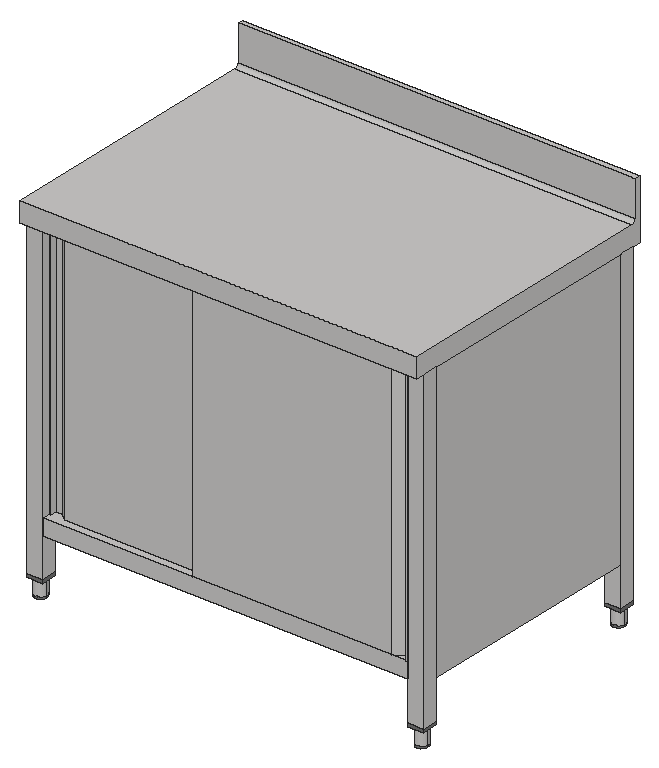
Revit family "QF_ELECTROLUXPROFESSIONAL_134033_GTN1010E", category Attrezzature speciali, Revit 2020
Family settings
  Quota connettore circolare = Usa diametro
  Tipo di parte = Normale
  Basato su piano di lavoro = No
  Sempre verticale = Sì
  Taglio con vuoti quando caricato = No
  Condiviso = No
  Punto di calcolo locali = No
Parameters (values of type "Standard")
  Weight = 58.00 kg
  Watts = 0 W
  Volts = 0 V
  URL Manufacturer = "https://www.electroluxprofessional.com/"
  URL = "https://www.electroluxprofessional.com/"
  Steam Supply Size = 0 mm
  Steam Supply Minimum Pressure = 0.0 Pa
  Steam Supply Maximum Pressure = 0.0 Pa
  Steam Consumption per Hour = 0
  Refrigeration Suction Line Size = 0.0 mm
  Refrigeration Liquid Line Size = 0.0 mm
  Refrigerant Compressor Remote = yes
  Prospetto di default = 0.0 mm
  Produttore = "Electrolux Professional"
  Phase = 0
  Modello = "GTN1010E"
  Length Actual = 1000.0 mm  # constant formula
  Item Number = "134033"
  Hot Water Size = 0 mm
  Height Actual = 1000.0 mm  # constant formula
  HP = "0 HP"
  Gas Size = 0 mm
  Gas KW = 0
  Gas Input Pressure = 0 W
  Direct Waste Size = 0 mm
  Descrizione = "WORKTOP CUPBOARD WITH UPSTAND 1000MM"
  Depth Actual = 700.0 mm  # constant formula
  Cycle = 0 Hz
  Condensate Return Size = 0 mm
  Compressed Air Volume = 0.0 L/s
  Compressed Air Size = 0 mm
  Compressed Air Pressure = 0.0 Pa
  Cold Water Size = 0 mm
  Accessory = yes
Reference planes
  plane 1 "Center (Front/Back)": y = 0
  plane 2: z = 0
  plane 3 "Center (Left/Right)": x = 0
  plane 4 "LEFT": x = -500
  plane 5 "RIGHT": x = 500
  plane 6 "BACK": y = 350
  plane 7 "FRONT": y = -350
  plane 8 "Base": z = 850
  plane 9 "TOP": z = 900
  plane 10: x = -480
  plane 11: x = 480
  plane 12: y = 310
  plane 13: y = -310
  plane 14 "BodyLeft": x = -500
  plane 15 "BodyFront": y = -330
  plane 16 "BodyRight": x = 500
  plane 17 "BodyBack": y = 330
  plane 18 "FEET": z = 150
  plane 19: x = 80
  plane 20: x = -80
Forms (mm)
  Extrusion 1, solid, material "QF_Finishes_Stainless Steel"
    sketch origin (0, 0, 0) x (0, 1, 0) y (0, 0, 1)
      loop
        line (-350, 850) -> (350, 850) -> (350, 1000) -> (337, 1000) -> (337, 910)
        arc (337, 910) -> (334.071, 902.929) -> (327, 900) r 10
        line (327, 900) -> (-350, 900) -> (-350, 850)
    from 500 to -500
  Extrusion 2, solid, material "QF_Finishes_Stainless Steel"
    sketch origin (0, 0, 150) x (-1, 0, 0) y (0, -1, 0)
      loop
        line (500, -290) -> (500, 290) -> (460, 290) -> (460, -290) -> (500, -290)
      loop
        line (-460, -290) -> (-460, 290) -> (-500, 290) -> (-500, -290) -> (-460, -290)
    from 0 to 700
  Extrusion 3, solid, material "QF_Finishes_Stainless Steel"
    sketch origin (0, 0, 150) x (-1, 0, 0) y (0, -1, 0)
      loop
        line (460, -290) -> (460, 330) -> (-460, 330) -> (-460, -290) -> (460, -290)
    from 0 to 40
  Extrusion 4, solid, material "QF_Finishes_Stainless Steel"
    sketch origin (0, 0, 150) x (-1, 0, 0) y (0, -1, 0)
      loop
        line (460, -290) -> (-460, -290) -> (-460, -330) -> (460, -330) -> (460, -290)
    from 0 to 700
  Extrusion 5, solid, material "QF_Finishes_Stainless Steel"
    sketch origin (0, 0, 150) x (-1, 0, 0) y (0, -1, 0)
      loop
        line (-460, 330) -> (-460, 310) -> (80, 310) -> (80, 330) -> (-420, 330) -> (-440, 315) -> (-455, 315) -> (-455, 330) -> (-460, 330)
    from 40 to 700
  Extrusion 6, solid, material "QF_Finishes_Stainless Steel"
    sketch origin (0, 20, 150) x (1, 0, 0) y (0, 1, 0)
      loop
        line (-460, -330) -> (-455, -330) -> (-455, -315) -> (-440, -315) -> (-420, -330) -> (80, -330) -> (80, -310) -> (-460, -310) -> (-460, -330)
    from 40 to 700
  Extrusion 7, solid, material "QF_Finishes_Stainless Steel"
    sketch origin (0, 0, 150) x (-1, 0, 0) y (0, -1, 0)
      loop
        line (460, 290) -> (-460, 290) -> (-460, -290) -> (460, -290) -> (460, 290)
    from 350 to 390
Lines and regions (mm)
  symbolic lines
    curve 1: line (500, 350, 900) -> (-500, 350, 900)
    curve 2: line (-500, 350, 900) -> (-500, -350, 900)
    curve 3: line (-500, -350, 900) -> (500, -350, 900)
    curve 4: line (500, -350, 900) -> (500, 350, 900)
    curve 5: line (-500, 337, 900) -> (500, 337, 900)
  symbolic lines, style "SpecialityEquipmentHiddenLines"
    curve 6: line (-500, 330, 150) -> (500, 330, 150)
    curve 7: line (-500, -330, 150) -> (-500, 330, 150)
    curve 8: line (500, -330, 150) -> (-500, -330, 150)
    curve 9: line (500, 330, 150) -> (500, -330, 150)
    curve 10: line (-460, -290, 150) -> (80, -290, 150)
    curve 11: line (80, -290, 150) -> (80, -310, 150)
    curve 12: line (-460, -310, 150) -> (460, -310, 150)
    curve 13: line (460, -310, 150) -> (460, -330, 150)
    curve 14: line (-80, -310, 150) -> (-80, -330, 150)
    curve 15: line (-460, -290, 150) -> (-460, -310, 150)
Dimensions and locks
  plane 4 "LEFT" to plane 5 "RIGHT" = 1000.0 mm
  equal spacing: plane 4 "LEFT", plane 3 "Center (Left/Right)", plane 5 "RIGHT"
  locked: plane 8 "Base" to level at 850
  plane 9 "TOP" to level = 900.0 mm
  plane 6 "BACK" to plane 7 "FRONT" = 700.0 mm
  equal spacing: plane 6 "BACK", plane 1 "Center (Front/Back)", plane 7 "FRONT"
  locked: plane 4 "LEFT" to plane 14 "BodyLeft"
  locked: plane 16 "BodyRight" to plane 5 "RIGHT"
  locked: plane 15 "BodyFront" to plane 7 "FRONT" at 20
  locked: plane 6 "BACK" to plane 17 "BodyBack" at 20
  locked: plane 14 "BodyLeft" to plane 10 at 20
  locked: plane 11 to plane 16 "BodyRight" at 20
  locked: plane 13 to plane 15 "BodyFront" at 20
  locked: plane 17 "BodyBack" to plane 12 at 20
  plane 10 to plane 11 = 960.0 mm
  plane 12 to plane 13 = 620.0 mm
  locked: plane 14 "BodyLeft" to Extrusion 2 sketch curve at 40
  Extrusion 2 sketch curve to Extrusion 2 sketch curve = 40.0 mm
  locked: plane 3 "Center (Left/Right)" to plane 19 at 80
  locked: plane 20 to plane 3 "Center (Left/Right)" at 80
  locked: plane 18 "FEET" to plane 2 at 150
  Extrusion 1 to level = 1000.0 mm
  aligned and locked: level to plane 2
  aligned and locked: plane 10 to nested 1
  aligned and locked: nested 1 to plane 13
  aligned and locked: plane 11 to nested 2
  aligned and locked: nested 2 to plane 13
  aligned and locked: plane 11 to nested 4
  aligned and locked: nested 4 to plane 12
  aligned and locked: plane 10 to nested 3
  aligned and locked: nested 3 to plane 12
  aligned and locked: Extrusion 1 to plane 4 "LEFT"
  aligned and locked: plane 5 "RIGHT" to Extrusion 1
  aligned and locked: curve 2 to plane 4 "LEFT"
  aligned and locked: Extrusion 2 sketch curve to plane 14 "BodyLeft"
  aligned and locked: plane 16 "BodyRight" to Extrusion 2 sketch curve
  aligned and locked: plane 8 "Base" to Extrusion 2
  aligned and locked: plane 8 "Base" to Extrusion 5
  aligned and locked: Extrusion 5 to Extrusion 3
  aligned and locked: Extrusion 6 sketch curve to plane 19
  aligned and locked: Extrusion 5 sketch curve to plane 20
  aligned and locked: Extrusion 1 to plane 8 "Base"
  aligned and locked: plane 9 "TOP" to Extrusion 1
  aligned and locked: curve 6 to plane 17 "BodyBack"
  aligned and locked: plane 14 "BodyLeft" to curve 7
  aligned and locked: plane 15 "BodyFront" to curve 8
  aligned and locked: plane 16 "BodyRight" to curve 9
  aligned and locked: Extrusion 3 sketch curve to Extrusion 2  (x2)
  aligned and locked: Extrusion 2 to Extrusion 4 sketch curve  (x2)
  aligned and locked: curve 8 to Extrusion 3 sketch curve
  aligned and locked: Extrusion 3 sketch curve to Extrusion 4
  aligned and locked: Extrusion 4 to plane 18 "FEET"
Automatic sketch dimensions
  Extrusion 5 sketch curve to plane 15 "BodyFront" = 0.0 mm  (x2)
  Extrusion 5 sketch curve to plane 11 = 20.0 mm
  Extrusion 5 sketch curve to Extrusion 5 sketch curve = 5.0 mm
  Extrusion 5 sketch curve to Extrusion 5 sketch curve = 15.0 mm
  Extrusion 5 sketch curve to Extrusion 5 sketch curve = 20.0 mm
  plane 15 "BodyFront" to Extrusion 5 sketch curve = 15.0 mm
  plane 15 "BodyFront" to Extrusion 5 sketch curve = 20.0 mm
  Extrusion 6 sketch curve to plane 15 "BodyFront" = 20.0 mm  (x2)
  Extrusion 6 sketch curve to plane 10 = 20.0 mm
  Extrusion 6 sketch curve to Extrusion 6 sketch curve = 5.0 mm
  Extrusion 6 sketch curve to Extrusion 6 sketch curve = 15.0 mm
  Extrusion 6 sketch curve to Extrusion 6 sketch curve = 20.0 mm  (x2)
  Extrusion 6 sketch curve to plane 15 "BodyFront" = 35.0 mm
  curve 11 to plane 19 = 0.0 mm
  curve 14 to plane 20 = 0.0 mm
  curve 12 to plane 11 = 20.0 mm
  plane 15 "BodyFront" to curve 10 = 40.0 mm
  curve 13 to curve 13 = 20.0 mm
  plane 10 to curve 15 = 20.0 mm
  Extrusion 4 sketch curve to plane 12 = 20.0 mm
  plane 13 to Extrusion 2 sketch curve = 20.0 mm  (x2)
  Extrusion 2 sketch curve to plane 12 = 20.0 mm  (x2)
  Extrusion 4 sketch curve to plane 17 "BodyBack" = 0.0 mm
  Extrusion 7 sketch curve to plane 11 = 20.0 mm
  plane 10 to Extrusion 7 sketch curve = 20.0 mm
  Extrusion 7 sketch curve to plane 12 = 20.0 mm
  plane 13 to Extrusion 7 sketch curve = 20.0 mm
  curve 3 to plane 7 "FRONT" = 0.0 mm
  curve 5 to plane 5 "RIGHT" = 0.0 mm
  curve 4 to plane 6 "BACK" = 0.0 mm
  plane 17 "BodyBack" to curve 5 = 7.0 mm
  Extrusion 1 sketch curve to plane 7 "FRONT" = 0.0 mm
  Extrusion 1 sketch curve to plane 9 "TOP" = 0.0 mm
  Extrusion 1 sketch curve to plane 6 "BACK" = 0.0 mm
  Extrusion 1 sketch curve to plane 8 "Base" = 0.0 mm
  Extrusion 1 sketch curve to plane 17 "BodyBack" = 3.0 mm
  plane 17 "BodyBack" to Extrusion 1 sketch curve = 7.0 mm
  Extrusion 1 sketch curve to Extrusion 1 sketch curve = 90.0 mm
Nested families
  nested 1: "FEET_40x40_APP50" at (-480, -310, 0), type "FEET_40x40_APP50"
  nested 2: "FEET_40x40_APP50" at (480, -310, 0), type "FEET_40x40_APP50"
  nested 3: "FEET_40x40_APP50" at (-480, 310, 0), type "FEET_40x40_APP50"
  nested 4: "FEET_40x40_APP50" at (480, 310, 0), type "FEET_40x40_APP50"
Definition of nested family "FEET_40x40_APP50"
  Parameters
    Default Elevation = 0.0 mm
    FEET = 850.0 mm
  Reference planes
    plane 1 "Center (Front/Back)": y = 0
    plane 2: z = 0
    plane 3 "Center (Left/Right)": x = 0
    plane 4: z = 850
  Forms (mm)
    Extrusion 1, solid
      sketch origin (0, 0, 0) x (1, 0, 0) y (0, 1, 0)
        loop
          line (-20, -20) -> (20, -20) -> (20, 20) -> (-20, 20) -> (-20, -20)
      from 50 to 850
    Extrusion 2, solid
      sketch origin (0, 0, 0) x (1, 0, 0) y (0, 1, 0)
        loop
          circle (0, 0) r 15
      from 0 to 5
    Extrusion 3, solid
      sketch origin (0, 0, 0) x (1, 0, 0) y (0, 1, 0)
        loop
          line (-20, -20) -> (20, -20) -> (20, 20) -> (-20, 20) -> (-20, -20)
      from 50 to 42
    Extrusion 4, solid
      sketch origin (0, 0, 0) x (1, 0, 0) y (0, 1, 0)
        loop
          circle (0, 0) r 15
      from 5 to 42
  Lines and regions (mm)
    symbolic lines
      curve 1: line (0, -1.503, 0) -> (0, 1.508, 0)
      curve 2: line (1.561, 0, 0) -> (-1.439, 0, 0)
  Dimensions and locks
    "FEET": plane 4 to plane 2
    aligned and locked: level to plane 2
  Automatic sketch dimensions
    plane 1 "Center (Front/Back)" to curve 2 = 0.0 mm
    curve 1 to plane 3 "Center (Left/Right)" = 0.0 mm
    curve 2 to plane 3 "Center (Left/Right)" = 1.439 mm
    plane 3 "Center (Left/Right)" to curve 2 = 1.561 mm
    plane 1 "Center (Front/Back)" to curve 1 = 1.503 mm
    curve 1 to plane 1 "Center (Front/Back)" = 1.508 mm
    Extrusion 1 sketch curve to plane 3 "Center (Left/Right)" = 20.0 mm
    plane 3 "Center (Left/Right)" to Extrusion 1 sketch curve = 20.0 mm
    plane 1 "Center (Front/Back)" to Extrusion 1 sketch curve = 20.0 mm
    Extrusion 1 sketch curve to plane 1 "Center (Front/Back)" = 20.0 mm
    plane 1 "Center (Front/Back)" to Extrusion 2 sketch curve = 0.0 mm
    Extrusion 2 sketch curve to plane 3 "Center (Left/Right)" = 0.0 mm
    Extrusion 3 sketch curve to plane 3 "Center (Left/Right)" = 20.0 mm
    plane 3 "Center (Left/Right)" to Extrusion 3 sketch curve = 20.0 mm
    plane 1 "Center (Front/Back)" to Extrusion 3 sketch curve = 20.0 mm
    Extrusion 3 sketch curve to plane 1 "Center (Front/Back)" = 20.0 mm
    plane 1 "Center (Front/Back)" to Extrusion 4 sketch curve = 0.0 mm
    Extrusion 4 sketch curve to plane 3 "Center (Left/Right)" = 0.0 mm
    radius of Extrusion 2 sketch curve = 15.0 mm
    radius of Extrusion 4 sketch curve = 15.0 mm
